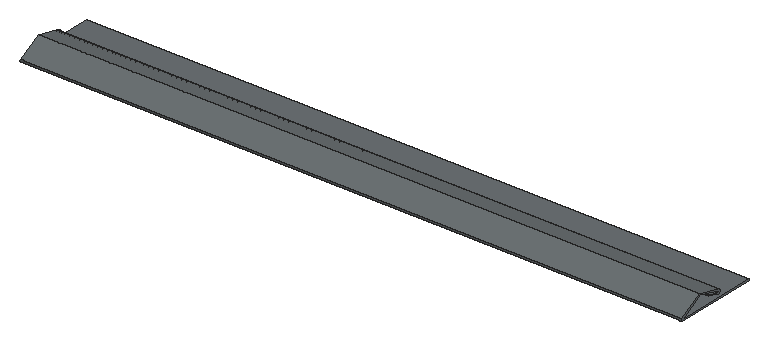
Revit family "BIMLIB_ПланкаФинишнаяБлокХаусNew_GRANDLINE", category Обобщенные модели, Revit 2017
Family settings
  Может служить основой для арматурных стержней = Нет
  Размер круглого соединителя = Использовать диаметр
  Тип детали = Нормальный
  При загрузке вырезать с полостями = Нет
  Общий = Нет
  Точка расчета площади = Нет
Parameters (values of type "Финишная планка")
  Смещение от плоскости [instance] = 0 mm
  Описание = ADSK_Наименование  # "Финишная планка Блок Хаус New"
  Изготовитель = "Grand Line"  # constant formula
  built-in parameter 1001306 [instance] = 500 mm
  Watermark [instance] = "Модели защищены уникальным кодом"
  URL = "https://www.grandline.ru"
  BL_Разработано = "support@bimlib.pro"
  BL_Email = "info@grandline.ru"
  BL_BIM library = "https://bimlib.pro/manufacturer/company/22430"
  ADSK_Размер_Длина [instance] = [built-in parameter 1001306]  # 500 mm
  ADSK_Обозначение = "ГОСТ 19904-90, ГОСТ 14918-80"
  ADSK_Наименование = "Финишная планка Блок Хаус New"
  ADSK_Материал тип подсчета = 1  # constant formula
  ADSK_Материал = GL_Drap_RAL7016
  ADSK_Масса_Текст [instance] = ""
  ADSK_Масса [instance] = 0
  ADSK_Марка = ""
  ADSK_Количество [instance] = if(ADSK_Материал тип подсчета = 0, 1, if(ADSK_Материал тип подсчета = 1, ADSK_Размер_Длина / 1000 mm, 0))  # 0.5
  ADSK_Код изделия = "M12.043.05"  # constant formula
  ADSK_Завод-изготовитель = "Grand Line"  # constant formula
  ADSK_Единица измерения = "м"  # constant formula
  ADSK_Группирование = "Доборные элементы"  # constant formula
  ADSK_Версия Revit = "2017"  # constant formula
  ADSK_URL страницы изделия = "https://www.grandline.ru/planka-finishnaya-bkh-new-0-45-drap-ral-3005-krasnoe-vino-231764.html"
  ADSK_URL документации изделия = "https://www.grandline.ru/uploads/files/chertezhi_vse/dobornye_elementy/desaiydingblokhaus-new/Finisnaa-planka.jpg"
Reference planes
  plane 1 "По центру (Вперед/Назад)": y = 0
  plane 2: z = 0
  plane 3 "Слева": x = 0
  plane 4 "Справа": x = 500
Forms (mm)
  Sweep 1, solid, material "GL_Drap_RAL7016" <- "ADSK_Материал"
    path in 3D
      loop
        line (0, 0, 0) -> (500, 0, 0)
    profile "Профиль_ПланкаФинишнаяБлокХаусNew : Профиль" origin (250, 0, 0) x (0, 1, 0) y (0, 0, 1)
      loop
        line (63.027, 0) -> (63.027, 0.8) -> (0.798, 0.8) -> (17.151, 10.241) -> (34.701, 5.539)
        arc (34.701, 5.539) -> (35.196, 4.682) -> (34.338, 4.187) r 0.7
        line (34.338, 4.187) -> (26.128, 6.387) -> (25.921, 5.614) -> (34.131, 3.414)
        arc (34.131, 3.414) -> (35.969, 4.475) -> (34.908, 6.312) r 1.5
        line (34.908, 6.312) -> (17.038, 11.1) -> (0.4, 1.494)
        arc (0.4, 1.494) -> (0.027, 0.593) -> (0.801, 0) r 0.801
        line (0.801, 0) -> (63.027, 0)
Lines and regions (mm)
  reference lines
    curve 1: line (0, 0, 0) -> (500, 0, 0)
  sketch lines
    curve 2: line (0, 0, 0) -> (500, 0, 0)
Dimensions and locks
  "built-in parameter 1001306": plane 3 "Слева" to plane 4 "Справа"
  aligned and locked: plane 4 "Справа" to curve 1
  aligned and locked: plane 1 "По центру (Вперед/Назад)" to curve 1
  aligned and locked: plane 3 "Слева" to curve 1
  aligned and locked: level to plane 2
